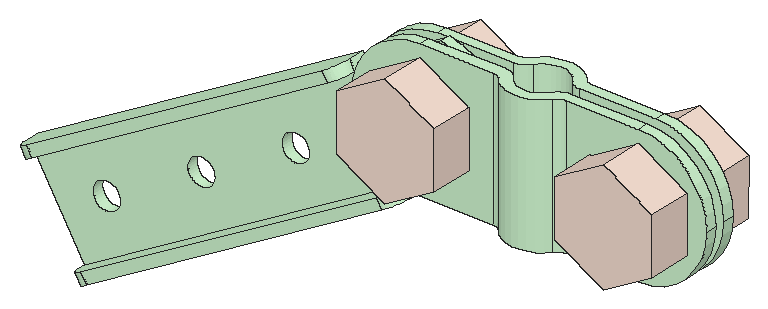
Revit family "ブレース金具KF", category 機械設備, Revit 2020
Family settings
  丸型コネクタ寸法 = 直径を使用
  種別 = なし
  パーツ タイプ = 標準
  作業面ベース = いいえ
  常に垂直 = はい
  ロード時にボイドで切り取り = いいえ
  共有 = いいえ
  部屋計算ポイント = いいえ
Parameters
  製造元 = "株式会社桐井製作所"
  既定の高さ = 0 mm
  URL = "https://www.kirii.co.jp/"
  K_許容荷重(引張)(N) = 2500
  K_許容荷重(圧縮)(N) = 2500
  K_角度 [instance] = 30.00°
  K_品名 = "ブレース金具KF"
  K_名称 = "斜め部材(ブレース)上部取付金具"
  K_入数 = "100"
  K_備考 = "適用角度:15°~60°"
  K_バージョン情報 = "20211216"
Reference planes
  plane 1 "中心(正面/背面)": y = 0
  plane 2: z = 0
  plane 3 "中心(左/右)": x = 0
  plane 4: z = -12.5
Forms (mm)
  Extrusion 1, solid
    sketch origin (0, 0, 0) x (1, 0, 0) y (0, 1, 0)
      loop
        line (-32.5, 3) -> (-32.5, 1) -> (-6.107, 1)
        arc (-6.107, 1) -> (-4.68, 1.361) -> (-3.597, 2.356) r 3
        arc (-3.597, 2.356) -> (0, 4.3) -> (3.597, 2.356) r 4.3
        arc (3.597, 2.356) -> (4.68, 1.361) -> (6.107, 1) r 3
        line (6.107, 1) -> (32.5, 1) -> (32.5, 3) -> (6.625, 3)
        arc (6.625, 3) -> (5.733, 3.21) -> (5.029, 3.795) r 2
        arc (5.029, 3.795) -> (0, 6.3) -> (-5.029, 3.795) r 6.3
        arc (-5.029, 3.795) -> (-5.733, 3.21) -> (-6.625, 3) r 2
        line (-6.625, 3) -> (-32.5, 3)
      loop
        line (32.5, -1) -> (6.107, -1)
        arc (6.107, -1) -> (4.68, -1.361) -> (3.597, -2.356) r 3
        arc (3.597, -2.356) -> (0, -4.3) -> (-3.597, -2.356) r 4.3
        arc (-3.597, -2.356) -> (-4.68, -1.361) -> (-6.107, -1) r 3
        line (-6.107, -1) -> (-32.5, -1) -> (-32.5, -3) -> (-6.625, -3)
        arc (-6.625, -3) -> (-5.733, -3.21) -> (-5.029, -3.795) r 2
        arc (-5.029, -3.795) -> (0, -6.3) -> (5.029, -3.795) r 6.3
        arc (5.029, -3.795) -> (5.733, -3.21) -> (6.625, -3) r 2
        line (6.625, -3) -> (32.5, -3) -> (32.5, -1)
    from -25 to 0
  Extrusion 2, void
    sketch origin (0, 0, 0) x (1, 0, 0) y (0, 0, 1)
      loop
        line (-20, 0) -> (-32.5, 0) -> (-32.5, -12.5)
        arc (-32.5, -12.5) -> (-28.839, -3.661) -> (-20, 0) r 12.5
      loop
        line (32.5, -12.5) -> (32.5, 0) -> (20, 0)
        arc (20, 0) -> (28.839, -3.661) -> (32.5, -12.5) r 12.5
    from 0 to 3
  Extrusion 3, void
    sketch origin (0, 0, -25) x (1, 0, 0) y (0, 0, 1)
      loop
        arc (-20, 0) -> (-28.839, 3.661) -> (-32.5, 12.5) r 12.5
        line (-32.5, 12.5) -> (-32.5, 0) -> (-20, 0)
      loop
        arc (32.5, 12.5) -> (28.839, 3.661) -> (20, 0) r 12.5
        line (20, 0) -> (32.5, 0) -> (32.5, 12.5)
    from 0 to 3
  Extrusion 4, void
    sketch origin (0, 0, 0) x (1, 0, 0) y (0, 0, -1)
      loop
        arc (-20, 0) -> (-28.839, 3.661) -> (-32.5, 12.5) r 12.5
        line (-32.5, 12.5) -> (-32.5, 0) -> (-20, 0)
      loop
        arc (32.5, 12.5) -> (28.839, 3.661) -> (20, 0) r 12.5
        line (20, 0) -> (32.5, 0) -> (32.5, 12.5)
    from 0 to 3
  Extrusion 5, void
    sketch origin (0, 0, -25) x (1, 0, 0) y (0, 0, -1)
      loop
        line (-20, 0) -> (-32.5, 0) -> (-32.5, -12.5)
        arc (-32.5, -12.5) -> (-28.839, -3.661) -> (-20, 0) r 12.5
      loop
        line (32.5, -12.5) -> (32.5, 0) -> (20, 0)
        arc (20, 0) -> (28.839, -3.661) -> (32.5, -12.5) r 12.5
    from 0 to 3
  Extrusion 6, void
    sketch origin (0, 0, 0) x (1, 0, 0) y (0, 0, 1)
      loop
        circle (-20, -12.5) r 5.3
      loop
        circle (20, -12.5) r 5.3
    from 1 to 3
  Extrusion 7, void
    sketch origin (0, 4, 0) x (1, 0, 0) y (0, 0, 1)
      loop
        circle (-20, -12.5) r 5.3
      loop
        circle (20, -12.5) r 5.3
    from 1 to 3
Cuts and joins
  Extrusion 2, Extrusion 3, Extrusion 4, Extrusion 5, Extrusion 6, Extrusion 7 cuts Extrusion 1
Dimensions and locks
  "K_角度": angle plane 4 to nested 1
  aligned and locked: level to plane 2
Automatic sketch dimensions
  Extrusion 1 sketch curve to Extrusion 1 sketch curve = 0 mm  (x20)
  plane 1 "中心(正面/背面)" to Extrusion 1 sketch curve = 0 mm
  Extrusion 1 sketch curve to plane 3 "中心(左/右)" = 0 mm
  plane 1 "中心(正面/背面)" to Extrusion 1 sketch curve = 1 mm  (x2)
  Extrusion 1 sketch curve to plane 3 "中心(左/右)" = 6.107 mm
  Extrusion 1 sketch curve to Extrusion 1 sketch curve = 0.518 mm  (x4)
  Extrusion 1 sketch curve to plane 1 "中心(正面/背面)" = 1 mm  (x2)
  Extrusion 1 sketch curve to Extrusion 1 sketch curve = 25.875 mm  (x2)
  plane 3 "中心(左/右)" to Extrusion 1 sketch curve = 6.107 mm
  plane 1 "中心(正面/背面)" to Extrusion 1 sketch curve = 3 mm
  Extrusion 1 sketch curve to Extrusion 1 sketch curve = 2 mm  (x3)
  Extrusion 1 sketch curve to Extrusion 1 sketch curve = 1 mm  (x8)
  Extrusion 2 sketch curve to plane 4 = 0 mm  (x2)
  Extrusion 2 sketch curve to level = 0 mm  (x2)
  Extrusion 2 sketch curve to plane 3 "中心(左/右)" = 32.5 mm
  plane 3 "中心(左/右)" to Extrusion 2 sketch curve = 20 mm
  Extrusion 3 sketch curve to plane 4 = 0 mm  (x2)
  plane 3 "中心(左/右)" to Extrusion 3 sketch curve = 32.5 mm
  Extrusion 3 sketch curve to Extrusion 3 sketch curve = 12.5 mm
  plane 4 to Extrusion 3 sketch curve = 12.5 mm
  Extrusion 3 sketch curve to plane 3 "中心(左/右)" = 20 mm
  Extrusion 4 sketch curve to plane 4 = 0 mm  (x2)
  Extrusion 4 sketch curve to level = 0 mm  (x2)
  Extrusion 4 sketch curve to plane 3 "中心(左/右)" = 32.5 mm
  plane 3 "中心(左/右)" to Extrusion 4 sketch curve = 20 mm
  Extrusion 5 sketch curve to plane 4 = 0 mm  (x2)
  Extrusion 5 sketch curve to plane 3 "中心(左/右)" = 32.5 mm
  Extrusion 5 sketch curve to Extrusion 5 sketch curve = 12.5 mm
  Extrusion 5 sketch curve to plane 4 = 12.5 mm
  plane 3 "中心(左/右)" to Extrusion 5 sketch curve = 20 mm
  Extrusion 6 sketch curve to plane 4 = 0 mm  (x2)
  Extrusion 6 sketch curve to plane 3 "中心(左/右)" = 20 mm
  plane 3 "中心(左/右)" to Extrusion 6 sketch curve = 20 mm
  Extrusion 7 sketch curve to plane 4 = 0 mm  (x2)
  Extrusion 7 sketch curve to plane 3 "中心(左/右)" = 20 mm
  plane 3 "中心(左/右)" to Extrusion 7 sketch curve = 20 mm
  radius of Extrusion 6 sketch curve = 5.3 mm  (x2)
  radius of Extrusion 7 sketch curve = 5.3 mm  (x2)
Nested families
  nested 1: "ブレース金具KF下部金具" at (-20, 0, -12.5) x (0.5, 0, -0.866) z (0.866, 0, 0.5), type "ブレース金具KF下部金具"
    with K_角度 45.00°
  nested 2: "ブレース金具KFナット" at (20, -3, -12.5) x (-1, 0, 0) z (0, -1, 0), type "ブレース金具KFナット"
  nested 3: "ブレース金具KFナット" at (-20, -3, -12.5) x (-1, 0, 0) z (0, -1, 0), type "ブレース金具KFナット"
  nested 4: "ブレース金具KFナット" at (20, 3, -12.5) x (-1, 0, 0) z (0, 1, 0), type "ブレース金具KFナット"
  nested 5: "ブレース金具KFナット" at (-20, 3, -12.5) x (-1, 0, 0) z (0, 1, 0), type "ブレース金具KFナット"
Definition of nested family "ブレース金具KF下部金具"
  Parameters (values of type "ブレース金具KF下部金具")
    Manufacturer = "株式会社桐井製作所"
    Default Elevation = 0 mm
    URL = "https://www.kirii.co.jp/"
    K_角度 [instance] = 45.00°
    K_結束/入数 = "100"
    K_品名 = "UE-box"
    K_名称 = "斜め部材(ブレース)上部取付金具"
    K_備考 = "適用角度30°~60°"
  Reference planes
    plane 1 "中心(正面/背面)": y = 0
    plane 2: z = 0
    plane 3 "中心(左/右)": x = 0
  Forms (mm)
    Extrusion 1, solid
      sketch origin (175.263, 1, 115.763) x (1, 0, 0) y (0, 0, 1)
        loop
          arc (-165.263, -107.456) -> (-175.263, -102.763) -> (-185.263, -107.456) r 13
          line (-185.263, -107.456) -> (-185.263, -193.763) -> (-165.263, -193.763) -> (-165.263, -107.456)
      from 0 to 2
    Extrusion 2, solid
      sketch origin (175.263, 1, 115.763) x (1, 0, 0) y (0, 0, 1)
        loop
          line (-186.263, -125.263) -> (-186.263, -193.763) -> (-184.263, -193.763) -> (-184.263, -125.263) -> (-186.263, -125.263)
        loop
          line (-166.263, -125.263) -> (-166.263, -193.763) -> (-164.263, -193.763) -> (-164.263, -125.263) -> (-166.263, -125.263)
      from 0 to 6
    Extrusion 3, void
      sketch origin (175.263, 1, 115.763) x (1, 0, 0) y (0, 0, 1)
        loop
          circle (-175.263, -115.763) r 5.3
        loop
          circle (-175.263, -143.763) r 2.5
        loop
          circle (-175.263, -163.763) r 2.5
        loop
          circle (-175.263, -183.763) r 2.5
      from 0 to 2
    Extrusion 4, void
      sketch origin (0, 0, 0) x (0, 1, 0) y (0, 0, 1)
        loop
          arc (-5, -12.5) -> (-4.121, -10.379) -> (-2, -9.5) r 3
          line (-2, -9.5) -> (-5, -9.5) -> (-5, -12.5)
        loop
          arc (-2, -78) -> (-4.121, -77.121) -> (-5, -75) r 3
          line (-5, -75) -> (-5, -78) -> (-2, -78)
      from 9 to 11
    Extrusion 5, void
      sketch origin (-20, 0, 0) x (0, 1, 0) y (0, 0, 1)
        loop
          arc (-5, -12.5) -> (-4.121, -10.379) -> (-2, -9.5) r 3
          line (-2, -9.5) -> (-5, -9.5) -> (-5, -12.5)
        loop
          arc (-2, -78) -> (-4.121, -77.121) -> (-5, -75) r 3
          line (-5, -75) -> (-5, -78) -> (-2, -78)
      from 9 to 11
  Cuts and joins
    Extrusion 3, Extrusion 5 cuts Extrusion 1
    Extrusion 4, Extrusion 5 cuts Extrusion 2
    joined: Extrusion 1, Extrusion 2
  Lines and regions (mm)
    reference lines
      curve 1: line (0, 0, 13) -> (0, 0, -78)
  Dimensions and locks
    aligned and locked: level to plane 2
Definition of nested family "ブレース金具KFナット"
  Parameters (values of type "ブレース金具KFナット")
    Default Elevation = 1219.2 mm
  Reference planes
    plane 1 "中心(正面/背面)": y = 0
    plane 2: z = 0
    plane 3 "中心(左/右)": x = 0
  Forms (mm)
    Extrusion 1, solid
      sketch origin (0, 0, 0) x (1, 0, 0) y (0, 1, 0)
        loop
          line (-55, 45) -> (-55, -45.273) -> (55.986, -45.273) -> (55.986, 45) -> (-55, 45)
      from 0 to -304.8
    Extrusion 2, solid
      sketch origin (0, 0, 0) x (1, 0, 0) y (0, 1, 0)
        loop
          line (8.9, 5.138) -> (0, 10.277) -> (-8.9, 5.138) -> (-8.9, -5.138) -> (0, -10.277) -> (8.9, -5.138) -> (8.9, 5.138)
      from 0 to 8
  Lines and regions (mm)
    model lines
      curve 1: circle (0, 0, 8) r 8.9 normal (0, 0, 1)
  Dimensions and locks
    aligned and locked: plane 2 to Extrusion 1
    aligned and locked: level to Extrusion 1
